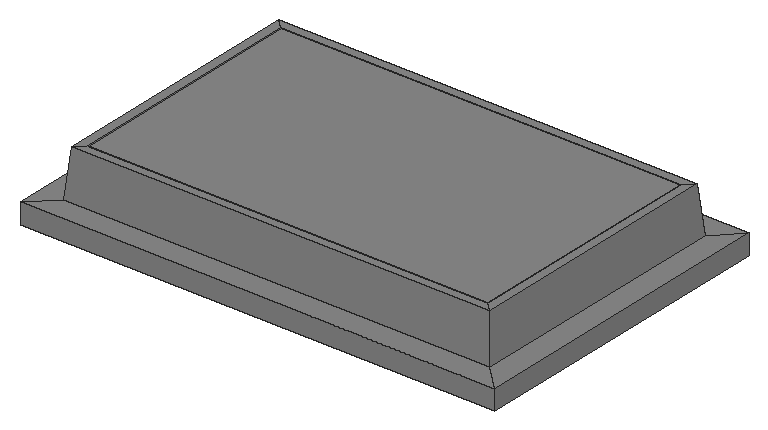
Revit family "M_Sifão da pia", category Terreno, Revit 2019
Family settings
  Cota do conector redondo = Utilizar diâmetro
  Tipo de parte = Normal
  ID de item do Seek = Catch Basin-0000-CAN-ENU
  Com base no plano de trabalho = Não
  Sempre na vertical = Não
  Corte com vazios quando carregada = Não
  Compartilhado = Não
Parameters (values of type "900 x 600mm")
  Comprimento = 900 mm
  Largura = 600 mm
Types (3, lengths in mm): name | Comprimento | Largura
  (no name) | 900 | 600
  900 x 600mm | 900 | 600
  1200 x 900mm | 1200 | 900
Reference planes
  plane 1 "Centro (Frente/Trás)": y = 0
  plane 2: z = 0
  plane 3 "Centro (Esquerda/Direita)": x = 0
  plane 4: y = 228.563
  plane 5: y = -228.562
  plane 6: y = 300
  plane 7: y = -300
  plane 8: x = -450
  plane 9: x = 450
  plane 10: x = -378.562
  plane 11: x = 378.563
  plane 12: x = 353.563
  plane 13: x = 25.4
  plane 14: x = -25.4
  plane 15: x = -353.562
  plane 16: y = 177.771
  plane 17: y = 126.979
  plane 18: y = 76.188
  plane 19: y = 25.396
  plane 20: y = -25.396
  plane 21: y = -76.187
  plane 22: y = -126.979
  plane 23: y = -177.771
  plane 24: y = -228.562
  plane 25: y = 228.562
Forms (mm)
  Sweep 1, solid, material "Aço, acabamento de pintura, cinza escuro, fosco"
    path origin (0, 0, 0) x (1, 0, 0) y (0, 1, 0)
      loop
        line (-450, 300) -> (-450, -300) -> (450, -300) -> (450, 300) -> (-450, 300)
    profile origin (0, 0, 0) x (0, 1, 0) y (0, 0, 1)
      loop
        line (300, 0) -> (300, 38.1) -> (253.803, 38.1) -> (246.025, 127) -> (228.563, 127) -> (228.563, 0) -> (300, 0)
  Extrusion 2, solid, material "Aço, acabamento de pintura, cinza escuro, fosco"
    sketch origin (378.563, -228.562, 127) x (-1, 0, 0) y (0, -1, 0)
      loop
        line (757.125, -457.125) -> (757.125, 0) -> (0, 0) -> (0, -457.125) -> (757.125, -457.125)
    from 0 to -44.45
Lines and regions (mm)
  model lines, style "Serviços públicos"
    curve 1: line (-353.562, 191.741, 127) -> (-25.4, 191.741, 127)
    curve 2: line (-353.562, 163.801, 127) -> (-353.562, 191.741, 127)
    curve 3: line (-25.4, 163.801, 127) -> (-353.562, 163.801, 127)
    curve 4: line (-25.4, 191.741, 127) -> (-25.4, 163.801, 127)
    curve 5: line (-353.562, 140.949, 127) -> (-25.4, 140.949, 127)
    curve 6: line (-353.562, 113.009, 127) -> (-353.562, 140.949, 127)
    curve 7: line (-25.4, 113.009, 127) -> (-353.562, 113.009, 127)
    curve 8: line (-25.4, 140.949, 127) -> (-25.4, 113.009, 127)
    curve 9: line (-353.562, 90.158, 127) -> (-25.4, 90.158, 127)
    curve 10: line (-353.562, 62.218, 127) -> (-353.562, 90.158, 127)
    curve 11: line (-25.4, 62.218, 127) -> (-353.562, 62.218, 127)
    curve 12: line (-25.4, 90.158, 127) -> (-25.4, 62.218, 127)
    curve 13: line (-353.562, 39.366, 127) -> (-25.4, 39.366, 127)
    curve 14: line (-353.562, 11.426, 127) -> (-353.562, 39.366, 127)
    curve 15: line (-25.4, 11.426, 127) -> (-353.562, 11.426, 127)
    curve 16: line (-25.4, 39.366, 127) -> (-25.4, 11.426, 127)
    curve 17: line (-353.562, -11.426, 127) -> (-25.4, -11.426, 127)
    curve 18: line (-353.562, -39.366, 127) -> (-353.562, -11.426, 127)
    curve 19: line (-25.4, -39.366, 127) -> (-353.562, -39.366, 127)
    curve 20: line (-25.4, -11.426, 127) -> (-25.4, -39.366, 127)
    curve 21: line (-353.562, -62.217, 127) -> (-25.4, -62.217, 127)
    curve 22: line (-353.562, -90.157, 127) -> (-353.562, -62.217, 127)
    curve 23: line (-25.4, -90.157, 127) -> (-353.562, -90.157, 127)
    curve 24: line (-25.4, -62.217, 127) -> (-25.4, -90.157, 127)
    curve 25: line (-353.562, -113.009, 127) -> (-25.4, -113.009, 127)
    curve 26: line (-353.562, -140.949, 127) -> (-353.562, -113.009, 127)
    curve 27: line (-25.4, -140.949, 127) -> (-353.562, -140.949, 127)
    curve 28: line (-25.4, -113.009, 127) -> (-25.4, -140.949, 127)
    curve 29: line (-353.562, -163.801, 127) -> (-25.4, -163.801, 127)
    curve 30: line (-353.562, -191.741, 127) -> (-353.562, -163.801, 127)
    curve 31: line (-25.4, -191.741, 127) -> (-353.562, -191.741, 127)
    curve 32: line (-25.4, -163.801, 127) -> (-25.4, -191.741, 127)
    curve 33: line (25.4, 191.741, 127) -> (353.563, 191.741, 127)
    curve 34: line (25.4, 163.801, 127) -> (25.4, 191.741, 127)
    curve 35: line (353.563, 163.801, 127) -> (25.4, 163.801, 127)
    curve 36: line (353.563, 191.741, 127) -> (353.563, 163.801, 127)
    curve 37: line (25.4, 140.949, 127) -> (353.563, 140.949, 127)
    curve 38: line (25.4, 113.009, 127) -> (25.4, 140.949, 127)
    curve 39: line (353.563, 113.009, 127) -> (25.4, 113.009, 127)
    curve 40: line (353.563, 140.949, 127) -> (353.563, 113.009, 127)
    curve 41: line (25.4, 90.158, 127) -> (353.563, 90.158, 127)
    curve 42: line (25.4, 62.218, 127) -> (25.4, 90.158, 127)
    curve 43: line (353.563, 62.218, 127) -> (25.4, 62.218, 127)
    curve 44: line (353.563, 90.158, 127) -> (353.563, 62.218, 127)
    curve 45: line (25.4, 39.366, 127) -> (353.563, 39.366, 127)
    curve 46: line (25.4, 11.426, 127) -> (25.4, 39.366, 127)
    curve 47: line (353.563, 11.426, 127) -> (25.4, 11.426, 127)
    curve 48: line (353.563, 39.366, 127) -> (353.563, 11.426, 127)
    curve 49: line (25.4, -11.426, 127) -> (353.563, -11.426, 127)
    curve 50: line (25.4, -39.366, 127) -> (25.4, -11.426, 127)
    curve 51: line (353.563, -39.366, 127) -> (25.4, -39.366, 127)
    curve 52: line (353.563, -11.426, 127) -> (353.563, -39.366, 127)
    curve 53: line (25.4, -62.217, 127) -> (353.563, -62.217, 127)
    curve 54: line (25.4, -90.157, 127) -> (25.4, -62.217, 127)
    curve 55: line (353.563, -90.157, 127) -> (25.4, -90.157, 127)
    curve 56: line (353.563, -62.217, 127) -> (353.563, -90.157, 127)
    curve 57: line (25.4, -113.009, 127) -> (353.563, -113.009, 127)
    curve 58: line (25.4, -140.949, 127) -> (25.4, -113.009, 127)
    curve 59: line (353.563, -140.949, 127) -> (25.4, -140.949, 127)
    curve 60: line (353.563, -113.009, 127) -> (353.563, -140.949, 127)
    curve 61: line (25.4, -163.801, 127) -> (353.563, -163.801, 127)
    curve 62: line (25.4, -191.741, 127) -> (25.4, -163.801, 127)
    curve 63: line (353.563, -191.741, 127) -> (25.4, -191.741, 127)
    curve 64: line (353.563, -163.801, 127) -> (353.563, -191.741, 127)
Dimensions and locks
  equal spacing: Sweep 1 sketch curve, plane 3 "Centro (Esquerda/Direita)", Sweep 1 sketch curve
  "Comprimento": Sweep 1 sketch curve to Sweep 1 sketch curve
  equal spacing: Sweep 1 sketch curve, plane 1 "Centro (Frente/Trás)", Sweep 1 sketch curve
  "Largura": Sweep 1 sketch curve to Sweep 1 sketch curve
  equal spacing: plane 6, plane 1 "Centro (Frente/Trás)", plane 7
  "Largura": plane 6 to plane 7
  locked: plane 6 to plane 4 at 71.437
  locked: plane 5 to plane 7 at 71.438
  "Comprimento": plane 8 to plane 9
  equal spacing: plane 8, plane 3 "Centro (Esquerda/Direita)", plane 9
  locked: plane 8 to plane 10 at 71.438
  locked: plane 11 to plane 9 at 71.437
  locked: plane 10 to plane 15 at 25
  plane 14 to plane 3 "Centro (Esquerda/Direita)" to plane 13 = 25.4 mm locked, 25.4 mm locked
  locked: plane 12 to plane 11 at 25
  locked: plane 6 to plane 25 at 71.438
  locked: plane 24 to plane 7 at 71.438
  equal spacing: plane 25, plane 16, plane 17, plane 18, plane 19, plane 20, plane 21, plane 22, plane 23, plane 24
  curve 35 to plane 16 to curve 33 = 13.97 mm, 13.97 mm
  curve 39 to plane 17 to curve 37 = 13.97 mm, 13.97 mm
  curve 43 to plane 18 to curve 41 = 13.97 mm, 13.97 mm
  curve 47 to plane 19 to curve 45 = 13.97 mm, 13.97 mm
  curve 51 to plane 20 to curve 49 = 13.97 mm, 13.97 mm
  curve 55 to plane 21 to curve 53 = 13.97 mm, 13.97 mm
  curve 59 to plane 22 to curve 57 = 13.97 mm, 13.97 mm
  curve 63 to plane 23 to curve 61 = 13.97 mm, 13.97 mm
  curve 3 to plane 16 to curve 1 = 13.97 mm, 13.97 mm
  curve 7 to plane 17 to curve 5 = 13.97 mm, 13.97 mm
  curve 11 to plane 18 to curve 9 = 13.97 mm, 13.97 mm
  curve 15 to plane 19 to curve 13 = 13.97 mm, 13.97 mm
  curve 19 to plane 20 to curve 17 = 13.97 mm, 13.97 mm
  curve 23 to plane 21 to curve 21 = 13.97 mm, 13.97 mm
  curve 27 to plane 22 to curve 25 = 13.97 mm, 13.97 mm
  curve 31 to plane 23 to curve 29 = 13.97 mm, 13.97 mm
  aligned and locked: plane 4 to Sweep 1
  aligned and locked: plane 5 to Sweep 1
  aligned and locked: Extrusion 2 sketch curve to Sweep 1  (x2)
  aligned and locked: curve 36 to plane 12
  aligned and locked: curve 40 to plane 12
  aligned and locked: curve 44 to plane 12
  aligned and locked: curve 48 to plane 12
  aligned and locked: curve 52 to plane 12
  aligned and locked: curve 56 to plane 12
Automatic sketch dimensions
  Sweep 1 sketch curve to level = 0 mm
  Sweep 1 sketch curve to profile plane = 0 mm
  profile plane to Sweep 1 sketch curve = 46.197 mm
  profile plane to Sweep 1 sketch curve = 53.975 mm
  Sweep 1 sketch curve to Sweep 1 sketch curve = 17.463 mm
  level to Sweep 1 sketch curve = 38.1 mm
  Sweep 1 sketch curve to Sweep 1 sketch curve = 88.9 mm
  Extrusion 2 sketch curve to plane 5 = 0 mm
  Extrusion 2 sketch curve to plane 4 = 0 mm
  curve 1 to plane 15 = 0 mm
  curve 31 to plane 15 = 0 mm
  curve 5 to plane 15 = 0 mm
  curve 27 to plane 15 = 0 mm
  curve 9 to plane 15 = 0 mm
  curve 23 to plane 15 = 0 mm
  curve 13 to plane 15 = 0 mm
  curve 19 to plane 15 = 0 mm
  curve 16 to plane 14 = 0 mm
  curve 17 to plane 14 = 0 mm
  curve 12 to plane 14 = 0 mm
  curve 21 to plane 14 = 0 mm
  curve 8 to plane 14 = 0 mm
  curve 25 to plane 14 = 0 mm
  curve 4 to plane 14 = 0 mm
  curve 29 to plane 14 = 0 mm
  curve 33 to plane 13 = 0 mm
  curve 63 to plane 13 = 0 mm
  curve 37 to plane 13 = 0 mm
  curve 59 to plane 13 = 0 mm
  curve 41 to plane 13 = 0 mm
  curve 55 to plane 13 = 0 mm
  curve 45 to plane 13 = 0 mm
  curve 51 to plane 13 = 0 mm
  curve 57 to plane 12 = 0 mm
  curve 61 to plane 12 = 0 mm
